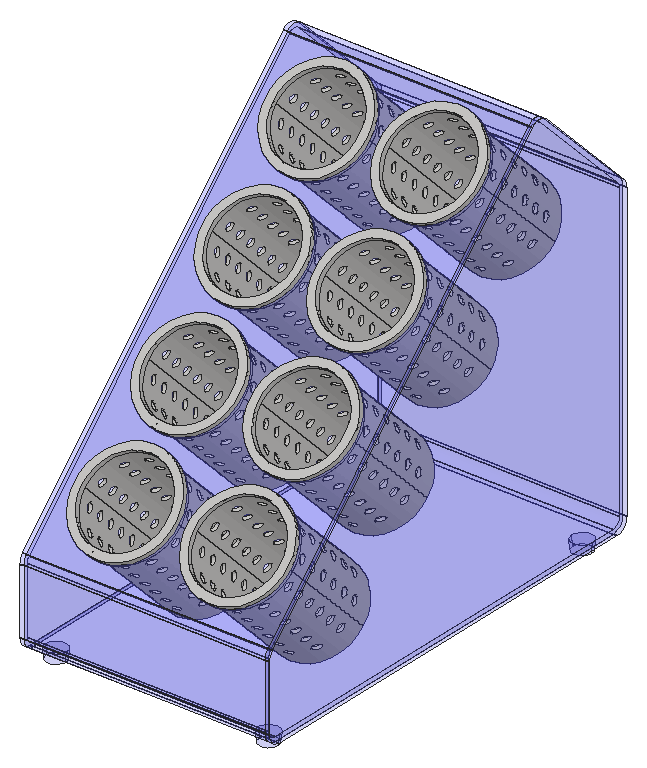
Revit family "QF_Vollrath_CTFWH-8B", category Specialty Equipment, Revit 2016
Family settings
  Part Type = Normal
  Round Connector Dimension = Use Diameter
  OmniClass Number = 23.40.40.14.24
  OmniClass Title = Food Dispensing Equipment
  Work Plane-Based = Yes
  Always vertical = Yes
  Cut with Voids When Loaded = No
  Shared = No
  Room Calculation Point = No
Parameters
  Width = 10.09"
  Weight in Pounds = 0
  Watermarked By = ""
  URL Cutsheet = ""
  URL = "www.vollrath.com"
  Specification by User [instance] = ""
  Specification by Manufacturer [instance] = ""
  Serial Number [instance] = ""
  Revision Code [instance] = ""
  NAFEM Spec ID Number [instance] = ""
  Model = "CTFWH-8B"
  Material = QF_Glass-Cast-Clear
  Masterspec [instance] = ""
  Manufacturer = "Vollrath"
  Item Number [instance] = "-"
  Installed By [instance] = ""
  Height = 17.2188"
  Furnished By [instance] = ""
  Foodservice Equipment Identifier = yes
  Description = "Flatware Holder"
  Depth = 18.08"
  Default Elevation = 48.00"
  CSI MasterFormat = ""
Reference planes (in)
  plane 1 "BACK": y = 0
  plane 2 "BOTTOM": z = 0
  plane 3 "LEFT": x = -16.56573
  plane 4 "RIGHT": x = -6.47573
  plane 5 "FRONT": y = -18.08
  plane 6 "Top of Legs": z = 0.4
  plane 7 "Inner Left": x = -16.39573
  plane 8 "Inner Right": x = -6.64573
  plane 9 "TOP": z = 17.2188
  plane 10 "Center Back Legs": y = -1.33
  plane 11 "Center Front Legs": y = -17.33
  plane 12 "Center Left Legs": x = -15.81573
  plane 13 "Center Right Legs": x = -7.22573
  plane 14: y = -17.18
  plane 15: x = -13.79573
  plane 16: x = -9.24573
  plane 17: y = -3.616
  plane 18: y = -7.232
  plane 19: y = -10.848
  plane 20: y = -14.464
  plane 21: through (-240, -0.14645, 13.15235) normal (0, 0.7071, 0.7071)
  plane 22: through (-240, -2.62132, 10.67748) normal (0, 0.7071, 0.7071)
  plane 23: through (-240, -5.6336, 7.6652) normal (0, 0.7071, 0.7071)
  plane 24: through (-240, -8.37717, 4.92163) normal (0, 0.7071, 0.7071)
  plane 25: through (-240, -11.12074, 2.17806) normal (0, 0.7071, 0.7071)
Forms (in)
  Blend 1, solid, material "QF_Glass-Cast-Clear" <- "Material"
    base sketch origin (0, 0.15, 0) x (1, 0, 0) y (0, 1, 0)
      loop
        circle (-15.81573, -17.33) r 0.39
    top sketch origin (0, 0.15, 0) x (1, 0, 0) y (0, 1, 0)
      loop
        circle (-15.81573, -17.33) r 0.425
    from 0 to 0.4
  Blend 2, solid, material "QF_Glass-Cast-Clear" <- "Material"
    base sketch origin (0, 0.15, 0) x (1, 0, 0) y (0, 1, 0)
      loop
        circle (-7.22573, -17.33) r 0.39
    top sketch origin (0, 0.15, 0) x (1, 0, 0) y (0, 1, 0)
      loop
        circle (-7.22573, -17.33) r 0.425
    from 0 to 0.4
  Blend 3, solid, material "QF_Glass-Cast-Clear" <- "Material"
    base sketch origin (0, 0, 0) x (1, 0, 0) y (0, 1, 0)
      loop
        circle (-15.81573, -1.33) r 0.39
    top sketch origin (0, 0, 0) x (1, 0, 0) y (0, 1, 0)
      loop
        circle (-15.81573, -1.33) r 0.425
    from 0 to 0.4
  Blend 4, solid, material "QF_Glass-Cast-Clear" <- "Material"
    base sketch origin (0, 0, 0) x (1, 0, 0) y (0, 1, 0)
      loop
        circle (-7.22573, -1.33) r 0.39
    top sketch origin (0, 0, 0) x (1, 0, 0) y (0, 1, 0)
      loop
        circle (-7.22573, -1.33) r 0.425
    from 0 to 0.4
  Extrusion 5, solid, material "QF_Glass-Cast-Clear" <- "Material"
    sketch origin (-16.56573, 0, 0) x (0, 1, 0) y (0, 0, 1)
      loop
        arc (-0.5, 0.4) -> (-0.14645, 0.54645) -> (0, 0.9) r 0.5
        line (0, 0.9) -> (0, 12.7988)
        arc (0, 12.7988) -> (-0.03806, 12.99014) -> (-0.14645, 13.15235) r 0.5
        line (-0.14645, 13.15235) -> (-4.06645, 17.07235)
        arc (-4.06645, 17.07235) -> (-4.42, 17.2188) -> (-4.77355, 17.07235) r 0.5
        line (-4.77355, 17.07235) -> (-17.93355, 3.91235)
        arc (-17.93355, 3.91235) -> (-18.04194, 3.75014) -> (-18.08, 3.5588) r 0.5
        line (-18.08, 3.5588) -> (-18.08, 0.9)
        arc (-18.08, 0.9) -> (-17.93355, 0.54645) -> (-17.58, 0.4) r 0.5
        line (-17.58, 0.4) -> (-0.5, 0.4)
    from 0 to 0.17
  Extrusion 6, solid, material "QF_Glass-Cast-Clear" <- "Material"
    sketch origin (-6.47573, 0, 0) x (0, 1, 0) y (0, 0, 1)
      loop
        line (-4.77355, 17.07235) -> (-17.93355, 3.91235)
        arc (-17.93355, 3.91235) -> (-18.04194, 3.75014) -> (-18.08, 3.5588) r 0.5
        line (-18.08, 3.5588) -> (-18.08, 0.9)
        arc (-18.08, 0.9) -> (-17.93355, 0.54645) -> (-17.58, 0.4) r 0.5
        line (-17.58, 0.4) -> (-0.5, 0.4)
        arc (-0.5, 0.4) -> (-0.14645, 0.54645) -> (0, 0.9) r 0.5
        line (0, 0.9) -> (0, 12.7988)
        arc (0, 12.7988) -> (-0.03806, 12.99014) -> (-0.14645, 13.15235) r 0.5
        line (-0.14645, 13.15235) -> (-4.06645, 17.07235)
        arc (-4.06645, 17.07235) -> (-4.42, 17.2188) -> (-4.77355, 17.07235) r 0.5
    from 0 to -0.17
  Extrusion 7, solid, material "QF_Glass-Cast-Clear" <- "Material"
    sketch origin (-16.39573, 0, 0) x (0, 1, 0) y (0, 0, 1)
      loop
        line (-0.14645, 13.15235) -> (-4.06645, 17.07235)
        arc (-4.06645, 17.07235) -> (-4.42, 17.2188) -> (-4.77355, 17.07235) r 0.5
        line (-4.77355, 17.07235) -> (-17.93355, 3.91235)
        arc (-17.93355, 3.91235) -> (-18.04194, 3.75014) -> (-18.08, 3.5588) r 0.5
        line (-18.08, 3.5588) -> (-18.08, 0.9)
        arc (-18.08, 0.9) -> (-17.93355, 0.54645) -> (-17.58, 0.4) r 0.5
        line (-17.58, 0.4) -> (-0.5, 0.4)
        arc (-0.5, 0.4) -> (-0.14645, 0.54645) -> (0, 0.9) r 0.5
        line (0, 0.9) -> (0, 12.7988)
        arc (0, 12.7988) -> (-0.03806, 12.99014) -> (-0.14645, 13.15235) r 0.5
      loop
        arc (-17.81335, 3.79215) -> (-17.88488, 3.68509) -> (-17.91, 3.5588) r 0.33
        line (-17.91, 3.5588) -> (-17.91, 0.9)
        arc (-17.91, 0.9) -> (-17.81335, 0.66665) -> (-17.58, 0.57) r 0.33
        line (-17.58, 0.57) -> (-0.5, 0.57)
        arc (-0.5, 0.57) -> (-0.26665, 0.66665) -> (-0.17, 0.9) r 0.33
        line (-0.17, 0.9) -> (-0.17, 12.7988)
        arc (-0.17, 12.7988) -> (-0.19512, 12.92509) -> (-0.26665, 13.03215) r 0.33
        line (-0.26665, 13.03215) -> (-4.18665, 16.95215)
        arc (-4.18665, 16.95215) -> (-4.42, 17.0488) -> (-4.65335, 16.95215) r 0.33
        line (-4.65335, 16.95215) -> (-17.81335, 3.79215)
    from 0 to 9.75
  Extrusion 8, void
    sketch origin (-6.47573, -4.77355, 17.07235) x (0, 0.707107, 0.707107) y (1, 0, 0)
      loop
        circle (-15.93315, -2.8102) r 2.0625
      loop
        circle (-11.37792, -2.8102) r 2.0625
      loop
        circle (-6.82269, -2.8102) r 2.0625
      loop
        circle (-2.26747, -2.8102) r 2.0625
      loop
        circle (-15.93315, -7.3602) r 2.0625
      loop
        circle (-11.37792, -7.3602) r 2.0625
      loop
        circle (-6.82269, -7.3602) r 2.0625
      loop
        circle (-2.26747, -7.3602) r 2.0625
    from 0 to 0.25
Cuts and joins
  Extrusion 8 cuts Extrusion 7
Lines and regions (in)
  symbolic lines
    curve 1: line (-16.56573, 0, 0) -> (-6.47573, 0, 0)
    curve 2: line (-16.56573, -18.08, 0) -> (-16.56573, 0, 0)
    curve 3: line (-6.47573, -18.08, 0) -> (-16.56573, -18.08, 0)
    curve 4: line (-6.47573, 0, 0) -> (-6.47573, -18.08, 0)
  symbolic lines, style "QF_Details_Surface"
    curve 5: spline (-13.83592, -17.4984, 0) -> (-14.36974, -17.4487, 0) -> (-14.86717, -17.30301, 0) -> (-15.29433, -17.07124, 0) -> (-15.6221, -16.76919, 0) -> (-15.82814, -16.41745, 0) -> (-15.89842, -16.03999, 0) -> (-15.82814, -15.66253, 0) -> (-15.6221, -15.31079, 0) -> (-15.29433, -15.00874, 0) -> (-14.86717, -14.77697, 0) -> (-14.36974, -14.63128, 0) -> (-13.83592, -14.58158, 0)
    curve 6: spline (-13.83592, -14.58158, 0) -> (-13.30211, -14.63128, 0) -> (-12.80467, -14.77697, 0) -> (-12.37752, -15.00874, 0) -> (-12.04975, -15.31079, 0) -> (-11.8437, -15.66253, 0) -> (-11.77342, -16.03999, 0) -> (-11.8437, -16.41745, 0) -> (-12.04975, -16.76919, 0) -> (-12.37752, -17.07124, 0) -> (-12.80467, -17.30301, 0) -> (-13.30211, -17.4487, 0) -> (-13.83592, -17.4984, 0)
    curve 7: spline (-9.28592, -17.4984, 0) -> (-9.81974, -17.4487, 0) -> (-10.31717, -17.30301, 0) -> (-10.74433, -17.07124, 0) -> (-11.0721, -16.76919, 0) -> (-11.27814, -16.41745, 0) -> (-11.34842, -16.03999, 0) -> (-11.27814, -15.66253, 0) -> (-11.0721, -15.31079, 0) -> (-10.74433, -15.00874, 0) -> (-10.31717, -14.77697, 0) -> (-9.81974, -14.63128, 0) -> (-9.28592, -14.58158, 0)
    curve 8: spline (-9.28592, -14.58158, 0) -> (-8.75211, -14.63128, 0) -> (-8.25467, -14.77697, 0) -> (-7.82752, -15.00874, 0) -> (-7.49975, -15.31079, 0) -> (-7.2937, -15.66253, 0) -> (-7.22342, -16.03999, 0) -> (-7.2937, -16.41745, 0) -> (-7.49975, -16.76919, 0) -> (-7.82752, -17.07124, 0) -> (-8.25467, -17.30301, 0) -> (-8.75211, -17.4487, 0) -> (-9.28592, -17.4984, 0)
    curve 9: spline (-13.83592, -14.27737, 0) -> (-14.36974, -14.22767, 0) -> (-14.86717, -14.08198, 0) -> (-15.29433, -13.85021, 0) -> (-15.6221, -13.54816, 0) -> (-15.82814, -13.19642, 0) -> (-15.89842, -12.81896, 0) -> (-15.82814, -12.44149, 0) -> (-15.6221, -12.08975, 0) -> (-15.29433, -11.78771, 0) -> (-14.86717, -11.55594, 0) -> (-14.36974, -11.41024, 0) -> (-13.83592, -11.36055, 0)
    curve 10: spline (-13.83592, -11.36055, 0) -> (-13.30211, -11.41024, 0) -> (-12.80467, -11.55594, 0) -> (-12.37752, -11.78771, 0) -> (-12.04975, -12.08975, 0) -> (-11.8437, -12.44149, 0) -> (-11.77342, -12.81896, 0) -> (-11.8437, -13.19642, 0) -> (-12.04975, -13.54816, 0) -> (-12.37752, -13.85021, 0) -> (-12.80467, -14.08198, 0) -> (-13.30211, -14.22767, 0) -> (-13.83592, -14.27737, 0)
    curve 11: spline (-9.28592, -14.27737, 0) -> (-9.81974, -14.22767, 0) -> (-10.31717, -14.08198, 0) -> (-10.74433, -13.85021, 0) -> (-11.0721, -13.54816, 0) -> (-11.27814, -13.19642, 0) -> (-11.34842, -12.81896, 0) -> (-11.27814, -12.44149, 0) -> (-11.0721, -12.08975, 0) -> (-10.74433, -11.78771, 0) -> (-10.31717, -11.55594, 0) -> (-9.81974, -11.41024, 0) -> (-9.28592, -11.36055, 0)
    curve 12: spline (-9.28592, -11.36055, 0) -> (-8.75211, -11.41024, 0) -> (-8.25467, -11.55594, 0) -> (-7.82752, -11.78771, 0) -> (-7.49975, -12.08975, 0) -> (-7.2937, -12.44149, 0) -> (-7.22342, -12.81896, 0) -> (-7.2937, -13.19642, 0) -> (-7.49975, -13.54816, 0) -> (-7.82752, -13.85021, 0) -> (-8.25467, -14.08198, 0) -> (-8.75211, -14.22767, 0) -> (-9.28592, -14.27737, 0)
    curve 13: spline (-13.83592, -11.05633, 0) -> (-14.36974, -11.00664, 0) -> (-14.86717, -10.86094, 0) -> (-15.29433, -10.62918, 0) -> (-15.6221, -10.32713, 0) -> (-15.82814, -9.97539, 0) -> (-15.89842, -9.59793, 0) -> (-15.82814, -9.22046, 0) -> (-15.6221, -8.86872, 0) -> (-15.29433, -8.56668, 0) -> (-14.86717, -8.33491, 0) -> (-14.36974, -8.18921, 0) -> (-13.83592, -8.13952, 0)
    curve 14: spline (-13.83592, -8.13952, 0) -> (-13.30211, -8.18921, 0) -> (-12.80467, -8.33491, 0) -> (-12.37752, -8.56668, 0) -> (-12.04975, -8.86872, 0) -> (-11.8437, -9.22046, 0) -> (-11.77342, -9.59793, 0) -> (-11.8437, -9.97539, 0) -> (-12.04975, -10.32713, 0) -> (-12.37752, -10.62918, 0) -> (-12.80467, -10.86094, 0) -> (-13.30211, -11.00664, 0) -> (-13.83592, -11.05633, 0)
    curve 15: spline (-9.28592, -11.05633, 0) -> (-9.81974, -11.00664, 0) -> (-10.31717, -10.86094, 0) -> (-10.74433, -10.62918, 0) -> (-11.0721, -10.32713, 0) -> (-11.27814, -9.97539, 0) -> (-11.34842, -9.59793, 0) -> (-11.27814, -9.22046, 0) -> (-11.0721, -8.86872, 0) -> (-10.74433, -8.56668, 0) -> (-10.31717, -8.33491, 0) -> (-9.81974, -8.18921, 0) -> (-9.28592, -8.13952, 0)
    curve 16: spline (-9.28592, -8.13952, 0) -> (-8.75211, -8.18921, 0) -> (-8.25467, -8.33491, 0) -> (-7.82752, -8.56668, 0) -> (-7.49975, -8.86872, 0) -> (-7.2937, -9.22046, 0) -> (-7.22342, -9.59793, 0) -> (-7.2937, -9.97539, 0) -> (-7.49975, -10.32713, 0) -> (-7.82752, -10.62918, 0) -> (-8.25467, -10.86094, 0) -> (-8.75211, -11.00664, 0) -> (-9.28592, -11.05633, 0)
    curve 17: spline (-13.83592, -7.8353, 0) -> (-14.36974, -7.78561, 0) -> (-14.86717, -7.63991, 0) -> (-15.29433, -7.40814, 0) -> (-15.6221, -7.1061, 0) -> (-15.82814, -6.75436, 0) -> (-15.89842, -6.37689, 0) -> (-15.82814, -5.99943, 0) -> (-15.6221, -5.64769, 0) -> (-15.29433, -5.34564, 0) -> (-14.86717, -5.11388, 0) -> (-14.36974, -4.96818, 0) -> (-13.83592, -4.91849, 0)
    curve 18: spline (-13.83592, -4.91849, 0) -> (-13.30211, -4.96818, 0) -> (-12.80467, -5.11388, 0) -> (-12.37752, -5.34564, 0) -> (-12.04975, -5.64769, 0) -> (-11.8437, -5.99943, 0) -> (-11.77342, -6.37689, 0) -> (-11.8437, -6.75436, 0) -> (-12.04975, -7.1061, 0) -> (-12.37752, -7.40814, 0) -> (-12.80467, -7.63991, 0) -> (-13.30211, -7.78561, 0) -> (-13.83592, -7.8353, 0)
    curve 19: spline (-9.28592, -7.8353, 0) -> (-9.81974, -7.78561, 0) -> (-10.31717, -7.63991, 0) -> (-10.74433, -7.40814, 0) -> (-11.0721, -7.1061, 0) -> (-11.27814, -6.75436, 0) -> (-11.34842, -6.37689, 0) -> (-11.27814, -5.99943, 0) -> (-11.0721, -5.64769, 0) -> (-10.74433, -5.34564, 0) -> (-10.31717, -5.11388, 0) -> (-9.81974, -4.96818, 0) -> (-9.28592, -4.91849, 0)
    curve 20: spline (-9.28592, -4.91849, 0) -> (-8.75211, -4.96818, 0) -> (-8.25467, -5.11388, 0) -> (-7.82752, -5.34564, 0) -> (-7.49975, -5.64769, 0) -> (-7.2937, -5.99943, 0) -> (-7.22342, -6.37689, 0) -> (-7.2937, -6.75436, 0) -> (-7.49975, -7.1061, 0) -> (-7.82752, -7.40814, 0) -> (-8.25467, -7.63991, 0) -> (-8.75211, -7.78561, 0) -> (-9.28592, -7.8353, 0)
Dimensions and locks (in)
  "Width": plane 3 "LEFT" to plane 4 "RIGHT"
  "Depth": plane 5 "FRONT" to plane 1 "BACK"
  plane 6 "Top of Legs" to level = 0.40"
  "Height": plane 9 "TOP" to level
  locked: plane 3 "LEFT" to plane 7 "Inner Left" at 0.17
  locked: plane 8 "Inner Right" to plane 4 "RIGHT" at 0.17
  locked: plane 10 "Center Back Legs" to plane 1 "BACK" at 1.33
  locked: plane 11 "Center Front Legs" to plane 5 "FRONT" at 0.75
  locked: plane 3 "LEFT" to plane 12 "Center Left Legs" at 0.75
  locked: plane 13 "Center Right Legs" to plane 4 "RIGHT" at 0.75
  locked: plane 14 to plane 5 "FRONT" at 0.9
  plane 3 "LEFT" to plane 15 = 2.77"
  plane 16 to plane 4 "RIGHT" = 2.77"
  equal spacing: plane 1 "BACK", plane 17, plane 18, plane 19, plane 20, plane 5 "FRONT"
  plane 21 to plane 22 = 3.50"
  aligned and locked: level to plane 2 "BOTTOM"
  aligned and locked: plane 6 "Top of Legs" to Blend 1
  aligned and locked: plane 6 "Top of Legs" to Blend 2
  aligned and locked: plane 6 "Top of Legs" to Blend 3
  aligned and locked: plane 6 "Top of Legs" to Blend 4
  aligned and locked: plane 7 "Inner Left" to Extrusion 5
  aligned and locked: plane 1 "BACK" to Extrusion 5 sketch curve
  aligned and locked: Extrusion 5 sketch curve to plane 6 "Top of Legs"
  aligned and locked: Extrusion 5 sketch curve to plane 5 "FRONT"
  aligned and locked: Extrusion 6 sketch curve to plane 1 "BACK"
  aligned and locked: Extrusion 6 sketch curve to plane 6 "Top of Legs"
  aligned and locked: Extrusion 6 sketch curve to plane 5 "FRONT"
  aligned and locked: Extrusion 6 to plane 8 "Inner Right"
  aligned and locked: plane 8 "Inner Right" to Extrusion 7
Automatic sketch dimensions
  plane 11 "Center Front Legs" to Blend 1 sketch curve = 0.15"  (x2)
  Blend 1 sketch curve to plane 12 "Center Left Legs" = 0.00"  (x2)
  plane 11 "Center Front Legs" to Blend 2 sketch curve = 0.15"  (x2)
  Blend 2 sketch curve to plane 13 "Center Right Legs" = 0.00"  (x2)
  plane 10 "Center Back Legs" to Blend 3 sketch curve = 0.00"  (x2)
  Blend 3 sketch curve to plane 12 "Center Left Legs" = 0.00"  (x2)
  plane 10 "Center Back Legs" to Blend 4 sketch curve = 0.00"  (x2)
  Blend 4 sketch curve to plane 13 "Center Right Legs" = 0.00"  (x2)
  plane 5 "FRONT" to Extrusion 5 sketch curve = 0.14645"
  Extrusion 5 sketch curve to plane 11 "Center Front Legs" = 0.25"  (x2)
  Extrusion 5 sketch curve to plane 9 "TOP" = 0.14645"  (x2)
  plane 10 "Center Back Legs" to Extrusion 5 sketch curve = 3.44355"
  Extrusion 5 sketch curve to Extrusion 5 sketch curve = 0.35355"  (x2)
  Extrusion 5 sketch curve to Extrusion 5 sketch curve = 0.50"  (x2)
  plane 1 "BACK" to Extrusion 5 sketch curve = 0.14645"
  Extrusion 5 sketch curve to Extrusion 5 sketch curve = 2.6588"
  Extrusion 5 sketch curve to plane 9 "TOP" = 4.42"
  plane 5 "FRONT" to Extrusion 6 sketch curve = 0.14645"
  Extrusion 6 sketch curve to plane 11 "Center Front Legs" = 0.25"
  plane 6 "Top of Legs" to Extrusion 6 sketch curve = 3.1588"
  Extrusion 6 sketch curve to plane 9 "TOP" = 0.14645"  (x2)
  plane 10 "Center Back Legs" to Extrusion 6 sketch curve = 3.44355"
  plane 6 "Top of Legs" to Extrusion 6 sketch curve = 0.50"
  plane 1 "BACK" to Extrusion 6 sketch curve = 0.50"  (x2)
  Extrusion 6 sketch curve to plane 9 "TOP" = 4.42"
  plane 1 "BACK" to Extrusion 6 sketch curve = 0.14645"
  Extrusion 6 sketch curve to Extrusion 6 sketch curve = 0.70711"
  Extrusion 6 sketch curve to Extrusion 6 sketch curve = 0.35355"
  Extrusion 7 sketch curve to plane 9 "TOP" = 0.50"
  plane 10 "Center Back Legs" to Extrusion 7 sketch curve = 3.09"
  Extrusion 7 sketch curve to plane 9 "TOP" = 0.14645"  (x2)
  Extrusion 7 sketch curve to Extrusion 7 sketch curve = 0.35355"  (x2)
  plane 1 "BACK" to Extrusion 7 sketch curve = 0.14645"
  Extrusion 7 sketch curve to plane 9 "TOP" = 4.06645"
  plane 5 "FRONT" to Extrusion 7 sketch curve = 0.14645"
  plane 6 "Top of Legs" to Extrusion 7 sketch curve = 3.51235"
  Extrusion 7 sketch curve to plane 1 "BACK" = 0.00"
  plane 1 "BACK" to Extrusion 7 sketch curve = 0.50"
  plane 6 "Top of Legs" to Extrusion 7 sketch curve = 0.50"
  Extrusion 7 sketch curve to plane 6 "Top of Legs" = 0.00"
  Extrusion 7 sketch curve to plane 11 "Center Front Legs" = 0.25"
  Extrusion 7 sketch curve to plane 5 "FRONT" = 0.00"
  Extrusion 7 sketch curve to Extrusion 7 sketch curve = 0.00"  (x10)
  Extrusion 7 sketch curve to Extrusion 7 sketch curve = 0.12021"  (x6)
  Extrusion 8 sketch curve to Extrusion 6 = 2.6779"  (x2)
  Extrusion 6 to Extrusion 8 sketch curve = 2.6402"
  Extrusion 8 sketch curve to Extrusion 6 = 0.6154"  (x2)
  Extrusion 8 sketch curve to Extrusion 8 sketch curve = 2.49273"  (x4)
  Extrusion 8 sketch curve to Extrusion 8 sketch curve = 0.00"  (x6)
  Extrusion 8 sketch curve to Extrusion 8 sketch curve = 0.43023"  (x6)
  Extrusion 8 sketch curve to Extrusion 6 = 2.26747"  (x2)
  Extrusion 8 sketch curve to Extrusion 8 sketch curve = 4.55"
  curve 3 to plane 3 "LEFT" = 0.00"
  curve 3 to plane 4 "RIGHT" = 0.00"
  curve 3 to plane 5 "FRONT" = 0.00"
  plane 1 "BACK" to curve 2 = 0.00"
  curve 6 to plane 15 = 0.0402"
  plane 15 to curve 6 = 2.0223"
  curve 5 to curve 6 = 0.00"
  curve 5 to plane 11 "Center Front Legs" = 0.1684"
  plane 14 to curve 6 = 1.14001"
  curve 8 to plane 16 = 0.0402"
  plane 13 "Center Right Legs" to curve 8 = 0.0023"
  curve 7 to curve 8 = 0.00"
  curve 7 to plane 11 "Center Front Legs" = 0.1684"
  plane 14 to curve 8 = 1.14001"
  curve 10 to plane 15 = 0.0402"
  plane 15 to curve 10 = 2.0223"
  curve 9 to curve 10 = 0.00"
  curve 9 to plane 20 = 0.18663"
  curve 10 to plane 20 = 1.64504"
  curve 11 to plane 16 = 0.0402"
  plane 13 "Center Right Legs" to curve 11 = 0.0023"
  curve 12 to curve 11 = 0.00"
  curve 11 to plane 20 = 0.18663"
  curve 12 to plane 20 = 1.64504"
  curve 14 to plane 15 = 0.0402"
  plane 15 to curve 13 = 2.0223"
  curve 14 to curve 13 = 0.00"
  plane 19 to curve 13 = 0.20833"
  curve 14 to plane 19 = 1.25007"
  curve 16 to plane 16 = 0.0402"
  plane 13 "Center Right Legs" to curve 16 = 0.0023"
  curve 15 to curve 16 = 0.00"
  plane 19 to curve 16 = 0.20833"
  curve 16 to plane 19 = 1.25007"
  curve 18 to plane 15 = 0.0402"
  curve 18 to plane 18 = 0.85511"
  plane 15 to curve 18 = 2.0223"
  curve 17 to curve 18 = 0.00"
  curve 13 to curve 18 = 0.30422"
  curve 19 to plane 16 = 0.0402"
  plane 13 "Center Right Legs" to curve 19 = 0.0023"
  curve 20 to curve 19 = 0.00"
  curve 15 to curve 19 = 0.30422"
  curve 20 to plane 18 = 0.85511"
  radius of Blend 1 sketch curve = 0.39"
  radius of Blend 1 sketch curve = 0.425"
  radius of Blend 2 sketch curve = 0.39"
  radius of Blend 2 sketch curve = 0.425"
  radius of Blend 3 sketch curve = 0.39"
  radius of Blend 3 sketch curve = 0.425"
  radius of Blend 4 sketch curve = 0.39"
  radius of Blend 4 sketch curve = 0.425"
Nested families (in)
  nested 1: "QF_Vollrath_Flatware Cylinder-1" at (-13.83592, -18.09063, 3.75528) x (0, -0.7071, -0.7071) z (0, -0.7071, 0.7071), type "QF_Vollrath_Flatware Cylinder-1"
    with Outer Lid Radius 2.0625", Material QF_Stainless-Polished, Lower Outer Radius 1.875", Inner Radius 1.75"
  nested 2: "QF_Vollrath_Flatware Cylinder-1" at (-13.83592, -21.31166, 0.53424) x (0, -0.7071, -0.7071) z (0, -0.7071, 0.7071), type "QF_Vollrath_Flatware Cylinder-1"
    with Outer Lid Radius 2.0625", Material QF_Stainless-Polished, Lower Outer Radius 1.875", Inner Radius 1.75"
  nested 3: "QF_Vollrath_Flatware Cylinder-1" at (-13.83592, -24.53269, -2.68679) x (0, -0.7071, -0.7071) z (0, -0.7071, 0.7071), type "QF_Vollrath_Flatware Cylinder-1"
    with Outer Lid Radius 2.0625", Material QF_Stainless-Polished, Lower Outer Radius 1.875", Inner Radius 1.75"
  nested 4: "QF_Vollrath_Flatware Cylinder-1" at (-13.83592, -27.75373, -5.90782) x (0, -0.7071, -0.7071) z (0, -0.7071, 0.7071), type "QF_Vollrath_Flatware Cylinder-1"
    with Outer Lid Radius 2.0625", Material QF_Stainless-Polished, Lower Outer Radius 1.875", Inner Radius 1.75"
  nested 5: "QF_Vollrath_Flatware Cylinder-1" at (-9.28592, -18.09063, 3.75528) x (0, -0.7071, -0.7071) z (0, -0.7071, 0.7071), type "QF_Vollrath_Flatware Cylinder-1"
    with Outer Lid Radius 2.0625", Material QF_Stainless-Polished, Lower Outer Radius 1.875", Inner Radius 1.75"
  nested 6: "QF_Vollrath_Flatware Cylinder-1" at (-9.28592, -21.31166, 0.53424) x (0, -0.7071, -0.7071) z (0, -0.7071, 0.7071), type "QF_Vollrath_Flatware Cylinder-1"
    with Outer Lid Radius 2.0625", Material QF_Stainless-Polished, Lower Outer Radius 1.875", Inner Radius 1.75"
  nested 7: "QF_Vollrath_Flatware Cylinder-1" at (-9.28592, -24.53269, -2.68679) x (0, -0.7071, -0.7071) z (0, -0.7071, 0.7071), type "QF_Vollrath_Flatware Cylinder-1"
    with Outer Lid Radius 2.0625", Material QF_Stainless-Polished, Lower Outer Radius 1.875", Inner Radius 1.75"
  nested 8: "QF_Vollrath_Flatware Cylinder-1" at (-9.28592, -27.75373, -5.90782) x (0, -0.7071, -0.7071) z (0, -0.7071, 0.7071), type "QF_Vollrath_Flatware Cylinder-1"
    with Outer Lid Radius 2.0625", Material QF_Stainless-Polished, Lower Outer Radius 1.875", Inner Radius 1.75"
Definition of nested family "QF_Vollrath_Flatware Cylinder-1"
  Parameters
    Watermarked By = ""
    Outer Lid Radius [instance] = Inner Radius + 0.3125"  # 2.1875"
    Material [instance] = none
    Lower Outer Radius [instance] = Inner Radius + 0.125"  # 2.00"
    Inner Radius [instance] = 1.875"
    Default Elevation = 48.00"
  Reference planes (in)
    plane 1 "BACK": y = 0
    plane 2: z = 0
    plane 3 "LEFT": x = -16.56573
    plane 4 "TOP": z = 0.1875
    plane 5 "BOTTOM": z = -5.4504
  Forms (in)
    Extrusion 1, solid, material <- "Material"
      sketch origin (0, 0, 0) x (1, 0, 0) y (0, 1, 0)
        loop
          circle (-16.56573, 0) r 2.1875
        loop
          circle (-16.56573, 0) r 1.875
      from 0 to 0.1875
    Extrusion 2, solid, material <- "Material"
      sketch origin (0, 0, -5.4504) x (0, 1, 0) y (-1, 0, 0)
        loop
          circle (0, 16.56573) r 1.875
        loop
          circle (0, 16.56573) r 2
      from 0 to 5.4504
    Extrusion 3, solid, material <- "Material"
      sketch origin (0, 0, -5.4504) x (0, 1, 0) y (-1, 0, 0)
        loop
          circle (0, 16.56573) r 1.875
      from 0 to 0.125
    Extrusion 4, void
      sketch origin (-0.56446, -4.28753, 0) x (0.965926, -0.258819, 0) y (0, 0, 1)
        loop
          circle (-16.56573, -0.6875) r 0.1875
        loop
          circle (-16.56573, -1.4375) r 0.1875
        loop
          circle (-16.56573, -2.1875) r 0.1875
        loop
          circle (-16.56573, -2.9375) r 0.1875
        loop
          circle (-16.56573, -3.6875) r 0.1875
        loop
          circle (-16.56573, -4.4375) r 0.1875
      from -12 to 12
    Extrusion 5, void
      sketch origin (-4.85199, -11.71374, 0) x (0.707107, -0.707107, 0) y (0, 0, 1)
        loop
          circle (-16.56573, -0.6875) r 0.1875
        loop
          circle (-16.56573, -1.4375) r 0.1875
        loop
          circle (-16.56573, -2.1875) r 0.1875
        loop
          circle (-16.56573, -2.9375) r 0.1875
        loop
          circle (-16.56573, -3.6875) r 0.1875
        loop
          circle (-16.56573, -4.4375) r 0.1875
      from -12 to 12
    Extrusion 6, void
      sketch origin (-12.2782, -16.00126, 0) x (0.258819, -0.965926, 0) y (0, 0, 1)
        loop
          circle (-16.56573, -0.6875) r 0.1875
        loop
          circle (-16.56573, -1.4375) r 0.1875
        loop
          circle (-16.56573, -2.1875) r 0.1875
        loop
          circle (-16.56573, -2.9375) r 0.1875
        loop
          circle (-16.56573, -3.6875) r 0.1875
        loop
          circle (-16.56573, -4.4375) r 0.1875
      from -12 to 12
    Extrusion 7, void
      sketch origin (-20.85325, -16.00126, 0) x (-0.258819, -0.965926, 0) y (0, 0, 1)
        loop
          circle (-16.56573, -0.6875) r 0.1875
        loop
          circle (-16.56573, -1.4375) r 0.1875
        loop
          circle (-16.56573, -2.1875) r 0.1875
        loop
          circle (-16.56573, -2.9375) r 0.1875
        loop
          circle (-16.56573, -3.6875) r 0.1875
        loop
          circle (-16.56573, -4.4375) r 0.1875
      from -12 to 12
    Extrusion 8, void
      sketch origin (-28.27946, -11.71374, 0) x (-0.707107, -0.707107, 0) y (0, 0, 1)
        loop
          circle (-16.56573, -0.6875) r 0.1875
        loop
          circle (-16.56573, -1.4375) r 0.1875
        loop
          circle (-16.56573, -2.1875) r 0.1875
        loop
          circle (-16.56573, -2.9375) r 0.1875
        loop
          circle (-16.56573, -3.6875) r 0.1875
        loop
          circle (-16.56573, -4.4375) r 0.1875
      from -12 to 12
    Extrusion 9, void
      sketch origin (-32.56699, -4.28753, 0) x (-0.965926, -0.258819, 0) y (0, 0, 1)
        loop
          circle (-16.56573, -0.6875) r 0.1875
        loop
          circle (-16.56573, -1.4375) r 0.1875
        loop
          circle (-16.56573, -2.1875) r 0.1875
        loop
          circle (-16.56573, -2.9375) r 0.1875
        loop
          circle (-16.56573, -3.6875) r 0.1875
        loop
          circle (-16.56573, -4.4375) r 0.1875
      from -12 to 12
  Cuts and joins
    Extrusion 4, Extrusion 5, Extrusion 6, Extrusion 7, Extrusion 8, Extrusion 9 cuts Extrusion 1
    Extrusion 4, Extrusion 5, Extrusion 6, Extrusion 7, Extrusion 8, Extrusion 9 cuts Extrusion 2
    joined: Extrusion 1, Extrusion 2
  Lines and regions (in)
    symbolic lines
      curve 1: arc (-14.37823, 0, -5.4504) -> (-16.56573, 2.1875, -5.4504) -> (-18.75323, 0, -5.4504) r 2.1875
      curve 2: arc (-18.75323, 0, -5.4504) -> (-16.56573, -2.1875, -5.4504) -> (-14.37823, 0, -5.4504) r 2.1875
      curve 3: arc (-14.69073, 0, -5.4504) -> (-16.56573, -1.875, -5.4504) -> (-18.44073, 0, -5.4504) r 1.875
      curve 4: arc (-18.44073, 0, -5.4504) -> (-16.56573, 1.875, -5.4504) -> (-14.69073, 0, -5.4504) r 1.875
  Dimensions and locks (in)
    locked: plane 4 "TOP" to level at 0.1875
    locked: level to plane 5 "BOTTOM" at 5.4504
    "Outer Lid Radius": radius of Extrusion 1 sketch curve
    "Inner Radius": radius of Extrusion 1 sketch curve
    "Inner Radius": radius of Extrusion 2 sketch curve
    "Lower Outer Radius": radius of Extrusion 2 sketch curve
    "Inner Radius": radius of Extrusion 3 sketch curve
    aligned and locked: level to plane 2
    aligned and locked: plane 4 "TOP" to Extrusion 1
    aligned and locked: level to Extrusion 2
    aligned and locked: curve 1 to cut or joined group 1 (Extrusion 1, Extrusion 2, Extrusion 4, Extrusion 5, Extrusion 6, Extrusion 7, Extrusion 8, Extrusion 9)
    aligned and locked: curve 2 to cut or joined group 1
    aligned and locked: curve 3 to cut or joined group 1
    aligned and locked: curve 4 to cut or joined group 1
  Automatic sketch dimensions
    Extrusion 4 sketch curve to level = 1.4375"
    Extrusion 4 sketch curve to Extrusion 4 sketch curve = 0.00"  (x5)
    Extrusion 4 sketch curve to Extrusion 4 sketch curve = 0.75"  (x4)
    Extrusion 4 sketch curve to level = 0.6875"
    Extrusion 5 sketch curve to level = 1.4375"
    Extrusion 5 sketch curve to Extrusion 5 sketch curve = 0.00"  (x5)
    Extrusion 5 sketch curve to Extrusion 5 sketch curve = 0.75"  (x4)
    Extrusion 5 sketch curve to level = 0.6875"
    Extrusion 6 sketch curve to level = 1.4375"
    Extrusion 6 sketch curve to Extrusion 6 sketch curve = 0.00"  (x5)
    Extrusion 6 sketch curve to Extrusion 6 sketch curve = 0.75"  (x4)
    Extrusion 6 sketch curve to level = 0.6875"
    Extrusion 7 sketch curve to level = 1.4375"
    Extrusion 7 sketch curve to Extrusion 7 sketch curve = 0.00"  (x5)
    Extrusion 7 sketch curve to Extrusion 7 sketch curve = 0.75"  (x4)
    Extrusion 7 sketch curve to level = 0.6875"
    Extrusion 8 sketch curve to level = 1.4375"
    Extrusion 8 sketch curve to Extrusion 8 sketch curve = 0.00"  (x5)
    Extrusion 8 sketch curve to Extrusion 8 sketch curve = 0.75"  (x4)
    Extrusion 8 sketch curve to level = 0.6875"
    Extrusion 9 sketch curve to level = 1.4375"
    Extrusion 9 sketch curve to Extrusion 9 sketch curve = 0.00"  (x5)
    Extrusion 9 sketch curve to Extrusion 9 sketch curve = 0.75"  (x4)
    Extrusion 9 sketch curve to level = 0.6875"
    Extrusion 1 sketch curve to Extrusion 1 sketch curve = 0.00"  (x2)
    plane 1 "BACK" to Extrusion 1 sketch curve = 0.00"
    Extrusion 1 sketch curve to plane 3 "LEFT" = 0.00"
    Extrusion 2 sketch curve to Extrusion 2 sketch curve = 0.00"  (x2)
    plane 1 "BACK" to Extrusion 2 sketch curve = 0.00"
    Extrusion 2 sketch curve to plane 3 "LEFT" = 0.00"
    plane 1 "BACK" to Extrusion 3 sketch curve = 0.00"
    Extrusion 3 sketch curve to plane 3 "LEFT" = 0.00"
    radius of Extrusion 4 sketch curve = 0.1875"  (x6)
    radius of Extrusion 5 sketch curve = 0.1875"  (x6)
    radius of Extrusion 6 sketch curve = 0.1875"  (x6)
    radius of Extrusion 7 sketch curve = 0.1875"  (x6)
    radius of Extrusion 8 sketch curve = 0.1875"  (x6)
    radius of Extrusion 9 sketch curve = 0.1875"  (x6)
